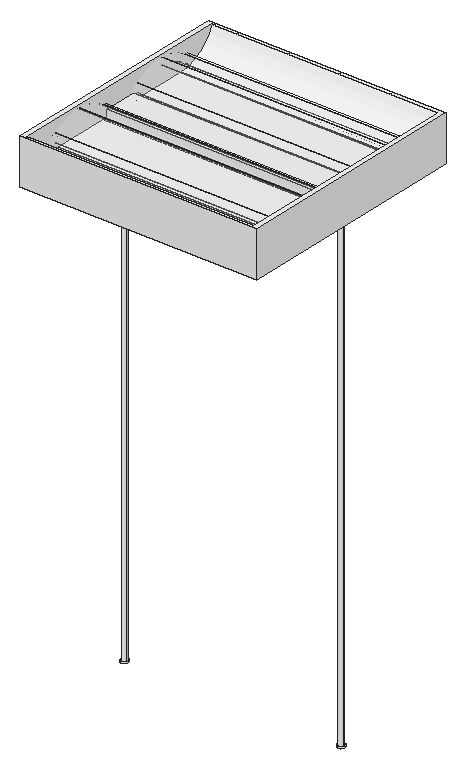
Revit family "TCAT22_and_24-CM", category Lighting Fixtures, host Face, Revit 2021
Family settings
  Host = Face
  Round Connector Dimension = Use Diameter
  Part Type = Normal
  OmniClass Number = 23.80.70.11
  OmniClass Title = Luminaries for Internal Lighting
  Cut with Voids When Loaded = No
  Light Source = Yes
  Shared = No
  Room Calculation Point = No
Parameters (values of type "TCAT22")
  zz Length = Row Length - 1.000"  # 23.000"
  Watts = 37 W
  Wattage = 58 W
  Warranty = "Five year warranty"  # constant formula
  built-in parameter 1150110 = 1 (stored number, unit not read)
  Voltage = 120 V
  built-in parameter 1114217 = 1 (stored number, unit not read)
  Tilt Angle = -90.00°
  built-in parameter 1150109 = 1 (stored number, unit not read)
  built-in parameter 1150134 = (empty or 0)
  Suspension Height = 48.000"
  Wattage Comments = "12-37 W"
  URL = "https://www.currentlighting.com/columbia"
  built-in parameter 1150113 = 1 (stored number, unit not read)
  Product Page URL = ""
  Product Documentation Link = ""
  Photometric Web File = "TCAT22-30HLx-EDU.ies"
  Model = "TCAT22"
  Manufacturer = "Columbia Lighting"  # constant formula
  Row Length = 24.000"
  built-in parameter 1150105 = 685.59 (stored number, unit not read)
  Lumens = 8615.43 lm
  built-in parameter 1150115 = 1 (stored number, unit not read)
  Load Classification = Lighting
  built-in parameter 1150137 = (empty or 0)
  built-in parameter 1150139 = (empty or 0)
  built-in parameter 1150112 = 1 (stored number, unit not read)
  built-in parameter 1150114 = 1 (stored number, unit not read)
  Lamp = "LED Lamp"  # constant formula
  Light Bulb = White Glass
  built-in parameter 1150132 = (empty or 0)
  built-in parameter 1150102 = (empty or 0)
  built-in parameter 1150107 = 3000 (stored number, unit not read)
  built-in parameter 1150138 = (empty or 0)
  built-in parameter 1150106 = 6.8559 (stored number, unit not read)
  Emit from Rectangle Width = 4.000"
  Emit from Rectangle Length = 23.000"
  Emit Shape Visible in Rendering = no
  built-in parameter 1150104 = 13.8 (stored number, unit not read)
  Dimming Lamp Color Temperature Shift = <None>
  Description = "LED Twin Contempory Architectural Troffer."  # constant formula
  Default Elevation = 48.000"
  Color Filter = 16777215
  Certifications = "UL1598,2108 & CSA"  # constant formula
  built-in parameter 1114218 = 1 (stored number, unit not read)
  Backbox = White
  built-in parameter 1150133 = 10 (stored number, unit not read)
  Apparent Load = 0 VA
Types (3): name | zz Length | Watts | Wattage Comments | Photometric Web File | Model | Row Length | Emit from Rectangle Length
  (no name) | 23.000" | 37 W | "12-37 W" | "TCAT22-30HLx-EDU.ies" | "TCAT22" | 24.000" | 23.000"
  TCAT24 | 47.000" | 69 W | "19-69 W" | "TCAT24-30HLx-EDU.ies" | "TCAT24" | 48.000" | 47.000"
  TCAT22 | 23.000" | 37 W | "12-37 W" | "TCAT22-30HLx-EDU.ies" | "TCAT22" | 24.000" | 23.000"
Reference planes (in)
  plane 1 "Center (Front/Back)": y = 0.03999
  plane 2: z = 0
  plane 3 "Center (Left/Right)": x = 1.66944
  plane 4: x = -10.33056
  plane 5: x = 13.66944
  plane 6: z = 48
  plane 7: x = -9.33056
  plane 8: x = 12.66944
Forms (in)
  Revolve 1, solid, material "White" <- "Backbox"
    sketch origin (0, 0.03999, 0) x (1, 0, 0) y (0, 0, 1)
      loop
        line (-9.33056, 48) -> (-9.33056, 0) -> (-8.97056, 0) -> (-8.97056, 0.1) -> (-9.09056, 0.1) -> (-9.09056, 47.9) -> (-8.97056, 47.9) -> (-8.97056, 48) -> (-9.33056, 48)
      axis (-9.33056, 48) -> (-9.33056, 0)
    angle from 0 to 360
  Revolve 2, solid, material "White" <- "Backbox"
    sketch origin (0, 0.03999, 0) x (1, 0, 0) y (0, 0, 1)
      loop
        line (12.66944, 48) -> (12.66944, 0) -> (13.02944, 0) -> (13.02944, 0.1) -> (12.90944, 0.1) -> (12.90944, 47.9) -> (13.02944, 47.9) -> (13.02944, 48) -> (12.66944, 48)
      axis (12.66944, 48) -> (12.66944, 0)
    angle from 0 to 360
Dimensions and locks (in)
  equal spacing: plane 5, plane 3 "Center (Left/Right)", plane 4
  "Suspension Height": plane 6 to level
  equal spacing: plane 8, plane 3 "Center (Left/Right)", plane 7
  locked: plane 7 to plane 4 at 1
  "Row Length": plane 5 to plane 4
  locked: Revolve 1 sketch curve to level at 0.1
  locked: plane 6 to Revolve 2 sketch curve at 0.1
  locked: plane 8 to Revolve 2 sketch curve at 0.24
  locked: Revolve 2 sketch curve to Revolve 2 sketch curve at 0.36
  locked: plane 8 to Revolve 2 sketch curve at 0.36
  locked: Revolve 2 sketch curve to plane 2 at 0.1
  locked: Revolve 1 sketch curve to plane 7 at 0.24
  Revolve 1 sketch curve to plane 2 = 0.100"
  locked: plane 7 to Revolve 1 sketch curve at 0.36
  locked: Revolve 1 sketch curve to plane 7 at 0.36
  aligned and locked: plane 2 to host face
  aligned and locked: level to host face
  aligned and locked: Revolve 1 sketch curve to plane 7
  aligned and locked: Revolve 1 sketch curve to plane 6
  aligned and locked: host face to Revolve 1 sketch curve
  aligned and locked: Revolve 1 sketch curve to Revolve 1 sketch curve
  aligned and locked: Revolve 2 sketch curve to Revolve 2 sketch curve
  aligned and locked: plane 8 to Revolve 2 sketch curve
  aligned and locked: plane 2 to Revolve 2 sketch curve
  aligned and locked: Revolve 2 sketch curve to plane 6
  aligned and locked: plane 3 "Center (Left/Right)" to nested 1
  aligned and locked: plane 1 "Center (Front/Back)" to nested 1
  aligned and locked: imposter light to nested 1
  aligned and locked: plane 3 "Center (Left/Right)" to imposter light
  aligned and locked: imposter light to plane 1 "Center (Front/Back)"
  aligned and locked: Revolve 2 to Revolve 1
Automatic sketch dimensions
  host sketch curve to host sketch curve = 96.000"  (x2)
  Revolve 1 sketch curve to plane 6 = 0.100"
  Revolve 1 sketch curve to level = 8.000"
  Revolve 1 sketch curve to Revolve 1 sketch curve = 2.500"
  plane 8 to Revolve 2 sketch curve = 0.000"
  Revolve 2 sketch curve to Revolve 2 sketch curve = 8.000"
  Revolve 2 sketch curve to Revolve 2 sketch curve = 2.500"
Nested families (in)
  nested 1: "LED Contemporary Architectural Troffer" at (1.66944, 0.03999, 48), Glass <- "Light Bulb", Finish <- "Backbox", Row Length <- "Row Length", type "LED Contemporary Architectural Troffer"
    with Width 24.000", Row Length 24.000", Height 4.625", Glass White Glass, Finish White
Connectors (in)
  electrical at (12.66944, 0.03999, 48), driven by "Voltage", driven by "Apparent Load", driven by "Load Classification"
    settings: on Revolve 2, index 1, voltage 120 V, apparent load 0 VA, apparent load phase1 0 VA, apparent load phase2 0 VA, apparent load phase3 0 VA, power factor 1, load classification "Lighting", number of poles 1, system type 30, power factor state 1, is connector primary yes, connector utility no, sub classification motor no, connector description "Lighting Connector"
Definition of nested family "LED Contemporary Architectural Troffer"
  Parameters
    Width [instance] = 24.000"
    Row Length [instance] = 24.000"
    Height [instance] = 4.625"
    Glass [instance] = none
    Finish [instance] = none
    Default Elevation = 48.000"
  Reference planes (in)
    plane 1 "Center (Front/Back)": y = 0
    plane 2: z = 0
    plane 3 "Center (Left/Right)": x = 0
    plane 4: x = 12
    plane 5: x = -12
    plane 6: y = -12
    plane 7: y = 12
    plane 8: z = 4.625
    plane 9: x = -11.5
    plane 10: x = 11.5
    plane 11: y = -3
    plane 12: y = 3
    plane 13: z = 2
    plane 14: y = -11.75
    plane 15: y = 11.75
    plane 16: z = 0.25
  Forms (in)
    Extrusion 1, solid
      sketch origin (0, 0, 0) x (1, 0, 0) y (0, 1, 0)
        loop
          line (-48, 48) -> (-48, -48) -> (48, -48) -> (48, 48) -> (-48, 48)
      from 0 to -12
    Extrusion 2, solid, material <- "Glass"
      sketch origin (0, 0, 0) x (0, 1, 0) y (0, 0, 1)
        loop
          arc (2.2, 2) -> (1.95, 2.25) -> (2.2, 2.5) r 0.25
          arc (2.2, 2.5) -> (3.58307, 3.40315) -> (5.2054, 3.71395) r 4.27102
          arc (5.2054, 3.71395) -> (6.82773, 3.40315) -> (8.2108, 2.5) r 4.27102
          arc (8.2108, 2.5) -> (8.4608, 2.25) -> (8.2108, 2) r 0.25
          line (8.2108, 2) -> (8.2108, 1.89823)
          arc (8.2108, 1.89823) -> (8.97092, 2.65835) -> (8.2108, 3.41847) r 0.76012
          arc (8.2108, 3.41847) -> (6.79039, 4.16775) -> (5.2054, 4.42622) r 4.98198
          arc (5.2054, 4.42622) -> (3.62041, 4.16775) -> (2.2, 3.41847) r 4.98198
          arc (2.2, 3.41847) -> (1.43988, 2.65835) -> (2.2, 1.89823) r 0.76012
          line (2.2, 1.89823) -> (2.2, 2)
        loop
          line (-2.2, 2) -> (-2.2, 1.89823)
          arc (-2.2, 1.89823) -> (-1.43641, 2.66182) -> (-2.2, 3.42541) r 0.76359
          arc (-2.2, 3.42541) -> (-3.62064, 4.17367) -> (-5.2054, 4.43176) r 4.98752
          arc (-5.2054, 4.43176) -> (-6.79016, 4.17367) -> (-8.2108, 3.42541) r 4.98752
          arc (-8.2108, 3.42541) -> (-8.97439, 2.66182) -> (-8.2108, 1.89823) r 0.76359
          line (-8.2108, 1.89823) -> (-8.2108, 2)
          arc (-8.2108, 2) -> (-8.4608, 2.25) -> (-8.2108, 2.5) r 0.25
          arc (-8.2108, 2.5) -> (-6.97047, 3.84827) -> (-5.2054, 4.33895) r 3.33827
          arc (-5.2054, 4.33895) -> (-3.61837, 4.08238) -> (-2.2, 3.3256) r 4.89601
          arc (-2.2, 3.3256) -> (-1.5372, 2.6628) -> (-2.2, 2) r 0.6628
      from -11.5 to 11.5
    Extrusion 3, solid, material <- "Finish"
      sketch origin (0, 0, 0) x (0, 1, 0) y (0, 0, 1)
        loop
          line (-12, 4.625) -> (-12, 0) -> (12, 0) -> (12, 4.625) -> (-12, 4.625)
      from 11.5 to 12
    Extrusion 4, solid, material <- "Finish"
      sketch origin (0, 0, 0) x (0, 1, 0) y (0, 0, 1)
        loop
          line (12, 4.625) -> (-12, 4.625) -> (-12, 0) -> (12, 0) -> (12, 4.625)
      from -12 to -11.5
    Extrusion 5, solid, material <- "Finish"
      sketch origin (0, 0, 0) x (0, 1, 0) y (0, 0, 1)
        loop
          line (-12, 0) -> (12, 0) -> (12, 4.625) -> (11.75, 4.625) -> (11.75, 0.25) -> (-11.75, 0.25) -> (-11.75, 4.625) -> (-12, 4.625) -> (-12, 0)
      from -11.5 to 11.5
    Extrusion 6, solid, material <- "Finish"
      sketch origin (0, 0, 0) x (0, 1, 0) y (0, 0, 1)
        loop
          arc (-7.77803, 2) -> (-10.15853, 2.71554) -> (-11.75, 4.625) r 4.31756
          line (-11.75, 4.625) -> (-11.75, 0.25) -> (11.75, 0.25) -> (11.75, 4.625)
          arc (11.75, 4.625) -> (10.17153, 2.7161) -> (7.80032, 2) r 4.28393
          line (7.80032, 2) -> (-7.77803, 2)
      from -12 to 12
    Extrusion 7, solid, material <- "Finish"
      sketch origin (0, 0, 0) x (0, 1, 0) y (0, 0, 1)
        loop
          line (-1.75, 2) -> (1.75, 2) -> (1.75, 2.75) -> (-1.75, 2.75) -> (-1.75, 2)
      from -11.5 to 11.5
  Cuts and joins
    joined: Extrusion 3, Extrusion 4, Extrusion 5, Extrusion 6
  Dimensions and locks (in)
    equal spacing: plane 4, plane 3 "Center (Left/Right)", plane 5
    "Row Length": plane 4 to plane 5
    equal spacing: plane 6, plane 1 "Center (Front/Back)", plane 7
    "Width": plane 6 to plane 7
    "Height": plane 8 to plane 2
    equal spacing: plane 10, plane 3 "Center (Left/Right)", plane 9
    locked: plane 9 to plane 5 at 0.5
    equal spacing: plane 11, plane 1 "Center (Front/Back)", plane 12
    locked: plane 11 to plane 1 "Center (Front/Back)" at 3
    locked: plane 6 to plane 14 at 0.25
    equal spacing: plane 14, plane 1 "Center (Front/Back)", plane 15
    locked: plane 16 to level at 0.25
    level to Extrusion 5 = 4.625"
    aligned and locked: plane 2 to Extrusion 1
    aligned and locked: level to Extrusion 1
    aligned and locked: Extrusion 2 to plane 10
    aligned and locked: Extrusion 2 to plane 9
    aligned and locked: plane 8 to Extrusion 3 sketch curve
    aligned and locked: plane 6 to Extrusion 3 sketch curve
    aligned and locked: level to Extrusion 3 sketch curve
    aligned and locked: Extrusion 3 sketch curve to plane 7
    aligned and locked: plane 4 to Extrusion 3
    aligned and locked: plane 10 to Extrusion 3
    aligned and locked: Extrusion 4 sketch curve to Extrusion 3  (x4)
    aligned and locked: Extrusion 4 to plane 5
    aligned and locked: plane 9 to Extrusion 4
    aligned and locked: Extrusion 5 sketch curve to Extrusion 3  (x4)
    aligned and locked: plane 8 to Extrusion 5 sketch curve
    aligned and locked: Extrusion 5 sketch curve to plane 14
    aligned and locked: plane 16 to Extrusion 5 sketch curve
    aligned and locked: Extrusion 5 sketch curve to plane 15
    aligned and locked: Extrusion 5 to plane 10
    aligned and locked: Extrusion 5 to plane 9
    aligned and locked: plane 13 to Extrusion 6 sketch curve
    aligned and locked: Extrusion 6 sketch curve to plane 14
    aligned and locked: plane 16 to Extrusion 6 sketch curve
    aligned and locked: Extrusion 6 sketch curve to plane 15
    aligned and locked: plane 4 to Extrusion 6
    aligned and locked: Extrusion 6 to plane 5
    aligned and locked: plane 13 to Extrusion 7 sketch curve
    aligned and locked: Extrusion 7 to plane 10
    aligned and locked: Extrusion 7 to plane 9
  Automatic sketch dimensions
    Extrusion 1 sketch curve to Extrusion 1 sketch curve = 96.000"  (x2)
    plane 8 to Extrusion 6 sketch curve = 0.000"  (x2)
    Extrusion 6 sketch curve to Extrusion 6 sketch curve = 3.94968"
    Extrusion 6 sketch curve to Extrusion 6 sketch curve = 3.97197"
    plane 13 to Extrusion 2 sketch curve = 0.000"  (x4)
    plane 11 to Extrusion 2 sketch curve = 0.800"
    plane 12 to Extrusion 2 sketch curve = 0.800"
    Extrusion 2 sketch curve to level = 0.55701"  (x2)
    Extrusion 2 sketch curve to plane 11 = 2.18267"
    Extrusion 2 sketch curve to Extrusion 2 sketch curve = 0.0216"  (x4)
    plane 8 to Extrusion 2 sketch curve = 0.28605"
    Extrusion 2 sketch curve to plane 11 = 2.2054"
    Extrusion 2 sketch curve to Extrusion 2 sketch curve = 0.000"  (x5)
    Extrusion 2 sketch curve to Extrusion 2 sketch curve = 0.00226"  (x2)
    Extrusion 2 sketch curve to plane 13 = 0.250"
    Extrusion 2 sketch curve to Extrusion 2 sketch curve = 3.0054"
    Extrusion 2 sketch curve to plane 12 = 2.18267"
    plane 8 to Extrusion 2 sketch curve = 0.19878"
    Extrusion 2 sketch curve to plane 12 = 2.2054"
    Extrusion 2 sketch curve to plane 13 = 0.500"
    plane 15 to Extrusion 2 sketch curve = 3.5392"
    Extrusion 2 sketch curve to Extrusion 2 sketch curve = 0.00126"  (x2)
    plane 13 to Extrusion 2 sketch curve = 0.10177"  (x4)
    Extrusion 2 sketch curve to Extrusion 2 sketch curve = 0.00098"
    plane 11 to Extrusion 7 sketch curve = 1.250"
    plane 12 to Extrusion 7 sketch curve = 1.250"
    Extrusion 7 sketch curve to Extrusion 7 sketch curve = 0.750"
